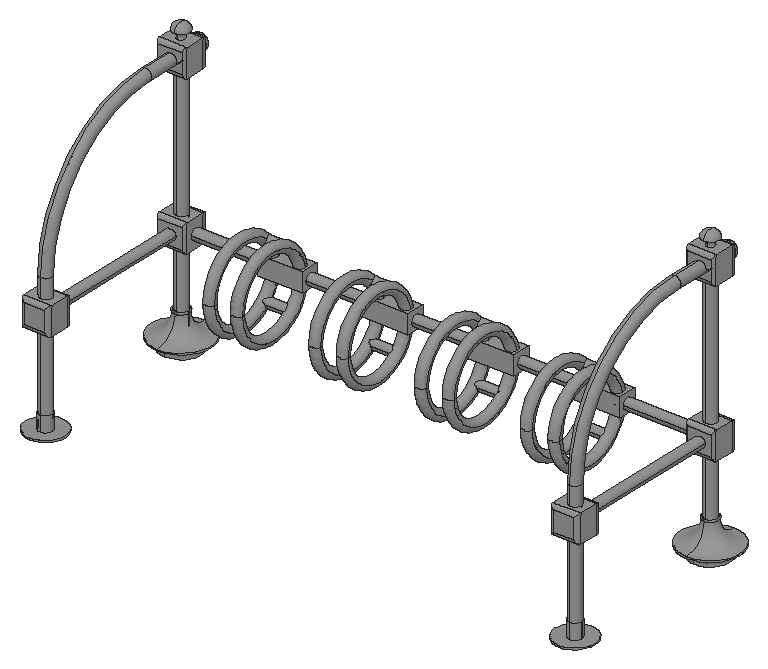
Revit family "12317 Велопарковка чугунная Хоббика", category Антураж, Revit 2018
Family settings
  На основе рабочей плоскости = Нет
  Всегда вертикально = Да
  При загрузке вырезать с полостями = Нет
  Источник визуального образа = Геометрия семейства
  Общий = Нет
  Точка расчета площади = Нет
Parameters (values of type "4 места")
  Ширина = 640 mm  # constant formula
  Цвет каркаса = Чугун
  Описание = if([3 места], "Велопарковка чугунная. Версия на 3 места", "Велопарковка чугунная. Версия на 4 места")  # "Велопарковка чугунная. Версия на 4 места"
  Материал изделия = "Чугун"  # constant formula
  Изображение типоразмера = Велопарковка чугунная Арт 12317 на 4 места.jpg
  Изготовитель = "ООО «Хоббика»"  # constant formula
  Длина = if([3 места], 1525 mm, 2000 mm)  # 2000 mm
  Группа модели = "Велопарковки"  # constant formula
  Высота = 1100 mm  # constant formula
  Артикул товара = "Арт. 12317"  # constant formula
  URL = "https://hobbyka.ru/product/veloparkovka_chugunnaya_na_4_mesta/"
  4 места = not([3 места])  # yes
  3 места = no
Types (3, lengths in mm): name | Описание | Изображение типоразмера | Длина | 4 места | 3 места
  (no name) | "Велопарковка чугунная. Версия на 4 места" | Велопарковка чугунная Арт 12317 на 4 места.jpg | 2000 | yes | no
  3 места | "Велопарковка чугунная. Версия на 3 места" | Велопарковка чугунная Арт 12317 на 3 места.jpg | 1525 | no | yes
  4 места | "Велопарковка чугунная. Версия на 4 места" | Велопарковка чугунная Арт 12317 на 4 места.jpg | 2000 | yes | no
Reference planes
  plane 1 "По центру (Вперед/Назад)": y = 0
  plane 2: z = 0
  plane 3 "По центру (Влево/Вправо)": x = 0
  plane 4: x = 2000
  plane 5: y = 640
  plane 6: x = 52.5
  plane 7: x = 1947.5
  plane 8: z = 1100
Forms (mm)
  Extrusion 1, solid, material "Чугун" <- "Цвет каркаса"
    sketch origin (0, 0, 0) x (0, 1, 0) y (0, 0, 1)
      loop
        circle (640, 402.5) r 20
    from 52.5 to 1947.5
Dimensions and locks
  "Ширина": plane 5 to plane 1 "По центру (Вперед/Назад)"
  "Длина": plane 3 "По центру (Влево/Вправо)" to plane 4
  locked: plane 3 "По центру (Влево/Вправо)" to plane 6 at 52.5
  locked: plane 7 to plane 4 at 52.5
  equal spacing: plane 3 "По центру (Влево/Вправо)", nested 3, nested 4, nested 5, plane 4
  equal spacing: plane 3 "По центру (Влево/Вправо)", nested 9, nested 6, nested 7, nested 8, plane 4
  "Высота": plane 8 to plane 2
  aligned and locked: level to plane 2
  aligned and locked: plane 4 to nested 2
  aligned and locked: plane 6 to Extrusion 1
  aligned and locked: Extrusion 1 to plane 7
  aligned and locked: plane 1 "По центру (Вперед/Назад)" to nested 3
Automatic sketch dimensions
  Extrusion 1 sketch curve to plane 5 = 0 mm
  level to Extrusion 1 sketch curve = 402.5 mm
  radius of Extrusion 1 sketch curve = 20 mm
Nested families
  nested 1: "Велопарковка чугунная Арт 12317 опора" at (0, 0, 0), type "Велопарковка чугунная Арт 12317 опора"
  nested 2: "Велопарковка чугунная Арт 12317 опора" at (2000, 0, 0), type "Велопарковка чугунная Арт 12317 опора"
  nested 3: "Велопарковка чугунная Арт 12317 опора средняя" at (500, 0, 0), visible <- "3 места", type "Велопарковка чугунная Арт 12317 опора средняя"
  nested 4: "Велопарковка чугунная Арт 12317 опора средняя" at (1000, 0, 0), visible <- "3 места", type "Велопарковка чугунная Арт 12317 опора средняя"
  nested 5: "Велопарковка чугунная Арт 12317 опора средняя" at (1500, 0, 0), visible <- "3 места", type "Велопарковка чугунная Арт 12317 опора средняя"
  nested 6: "Велопарковка чугунная Арт 12317 опора средняя" at (800, 0, 0), visible <- "4 места", type "Велопарковка чугунная Арт 12317 опора средняя"
  nested 7: "Велопарковка чугунная Арт 12317 опора средняя" at (1200, 0, 0), visible <- "4 места", type "Велопарковка чугунная Арт 12317 опора средняя"
  nested 8: "Велопарковка чугунная Арт 12317 опора средняя" at (1600, 0, 0), visible <- "4 места", type "Велопарковка чугунная Арт 12317 опора средняя"
  nested 9: "Велопарковка чугунная Арт 12317 опора средняя" at (400, 0, 0), visible <- "4 места", type "Велопарковка чугунная Арт 12317 опора средняя"
Definition of nested family "Велопарковка чугунная Арт 12317 опора"
  Parameters (values of type "Велопарковка чугунная Арт 12317 опора")
    Цвет каркаса = none
    Height = 0 mm
  Reference planes
    plane 1 "По центру (Вперед/Назад)": y = 0
    plane 2: z = 0
    plane 3 "По центру (Влево/Вправо)": x = 0
    plane 4: z = 1100
    plane 5: y = 640
  Forms (mm)
    Sweep 1, solid, material <- "Цвет каркаса"
      path origin (-22.5, -165, 0) x (0, 1, 0) y (0, 0, 1)
        loop
          line (805, 0) -> (805, 995.44) -> (635, 995.44)
          arc (635, 995.44) -> (302.66, 857.78) -> (165, 525.44) r 470
          line (165, 525.44) -> (165, 0)
      profile origin (-22.5, 640, 497.72) x (0, -1, 0) y (1, 0, 0)
        loop
          circle (0, 22.5) r 22.5
    Extrusion 2, solid, material <- "Цвет каркаса"
      sketch origin (-22.5, -165, 285) x (0, 1, 0) y (0, 0, 1)
        loop
          line (843.741, 762.94) -> (768.741, 762.94)
          arc (768.741, 762.94) -> (758.135, 758.547) -> (753.741, 747.94) r 15
          line (753.741, 747.94) -> (753.741, 672.94)
          arc (753.741, 672.94) -> (758.135, 662.334) -> (768.741, 657.94) r 15
          line (768.741, 657.94) -> (843.741, 657.94)
          arc (843.741, 657.94) -> (854.348, 662.334) -> (858.741, 672.94) r 15
          line (858.741, 672.94) -> (858.741, 747.94)
          arc (858.741, 747.94) -> (854.348, 758.547) -> (843.741, 762.94) r 15
      from -30 to 75
    Extrusion 3, void
      sketch origin (-22.5, -165, 0) x (1, 0, 0) y (0, 1, 0)
        loop
          line (75, 858.741) -> (60, 858.741)
          arc (60, 858.741) -> (70.607, 854.348) -> (75, 843.741) r 15
          line (75, 843.741) -> (75, 858.741)
        loop
          line (-30, 858.741) -> (-30, 843.741)
          arc (-30, 843.741) -> (-25.607, 854.348) -> (-15, 858.741) r 15
          line (-15, 858.741) -> (-30, 858.741)
        loop
          line (75, 751.259) -> (75, 766.259)
          arc (75, 766.259) -> (70.607, 755.652) -> (60, 751.259) r 15
          line (60, 751.259) -> (75, 751.259)
        loop
          line (-30, 751.259) -> (-15, 751.259)
          arc (-15, 751.259) -> (-25.607, 755.652) -> (-30, 766.259) r 15
          line (-30, 766.259) -> (-30, 751.259)
      from 144.619 to 1047.94
    Extrusion 4, solid, material <- "Цвет каркаса"
      sketch origin (-22.5, 0, 0) x (1, 0, 0) y (0, 1, 0)
        loop
          circle (22.5, 0) r 22.5
        loop
          circle (22.5, 0) r 25
      from 5 to 60
    Extrusion 5, solid, material <- "Цвет каркаса"
      sketch origin (-22.5, 0, 0) x (1, 0, 0) y (0, 1, 0)
        loop
          circle (22.5, 0) r 25
        loop
          circle (22.5, 0) r 75
      from 0 to 5
    Revolve 6, solid, material <- "Цвет каркаса"
      sketch origin (0, -165, 0) x (0, 1, 0) y (0, 0, 1)
        loop
          line (782.5, 0) -> (782.5, 130) -> (777.5, 130)
          arc (777.5, 130) -> (775, 127.5) -> (777.5, 125) r 2.5
          arc (777.5, 125) -> (752.784, 65.33) -> (693.114, 40.614) r 84.386
          line (693.114, 40.614) -> (693.114, 35.614)
          arc (693.114, 35.614) -> (718.296, 25.183) -> (728.727, 0) r 35.614
          line (728.727, 0) -> (782.5, 0)
        axis (805, 0) -> (805, 130)
      angle from 0 to 360
    Revolve 7, solid, material <- "Цвет каркаса"
      sketch origin (0, -165, 0) x (0, 1, 0) y (0, 0, 1)
        loop
          arc (805, 1100) -> (783.974, 1094.67) -> (773.055, 1075.927) r 28.017
          arc (773.055, 1075.927) -> (787.624, 1065.574) -> (790.543, 1047.94) r 23.255
          line (790.543, 1047.94) -> (805, 1047.94) -> (805, 1100)
        axis (805, 1100) -> (805, 1047.94)
      angle from 0 to 360
    Revolve 8, solid, material <- "Цвет каркаса"
      sketch origin (0, -70.44, 1800.44) x (0, 0, -1) y (0, 1, 0)
        loop
          arc (805, 815) -> (783.974, 809.67) -> (773.055, 790.927) r 28.017
          arc (773.055, 790.927) -> (787.624, 780.574) -> (790.543, 762.94) r 23.255
          line (790.543, 762.94) -> (805, 762.94) -> (805, 815)
        axis (805, 815) -> (805, 762.94)
      angle from 0 to 360
    Extrusion 9, solid, material <- "Цвет каркаса"
      sketch origin (-22.5, -165, -307.94) x (0, 1, 0) y (0, 0, 1)
        loop
          line (843.741, 762.94) -> (768.741, 762.94)
          arc (768.741, 762.94) -> (758.135, 758.547) -> (753.741, 747.94) r 15
          line (753.741, 747.94) -> (753.741, 672.94)
          arc (753.741, 672.94) -> (758.135, 662.334) -> (768.741, 657.94) r 15
          line (768.741, 657.94) -> (843.741, 657.94)
          arc (843.741, 657.94) -> (854.348, 662.334) -> (858.741, 672.94) r 15
          line (858.741, 672.94) -> (858.741, 747.94)
          arc (858.741, 747.94) -> (854.348, 758.547) -> (843.741, 762.94) r 15
      from -30 to 75
    Extrusion 10, solid, material <- "Цвет каркаса"
      sketch origin (-22.5, -806.241, -457.94) x (0, 1, 0) y (0, 0, 1)
        loop
          line (843.741, 912.94) -> (768.741, 912.94)
          arc (768.741, 912.94) -> (758.135, 908.547) -> (753.741, 897.94) r 15
          line (753.741, 897.94) -> (753.741, 822.94)
          arc (753.741, 822.94) -> (758.135, 812.334) -> (768.741, 807.94) r 15
          line (768.741, 807.94) -> (843.741, 807.94)
          arc (843.741, 807.94) -> (854.348, 812.334) -> (858.741, 822.94) r 15
          line (858.741, 822.94) -> (858.741, 897.94)
          arc (858.741, 897.94) -> (854.348, 908.547) -> (843.741, 912.94) r 15
      from -30 to 75
    Extrusion 11, void
      sketch origin (-22.5, -803.759, 0) x (1, 0, 0) y (0, 1, 0)
        loop
          line (75, 751.259) -> (75, 766.259)
          arc (75, 766.259) -> (70.607, 755.652) -> (60, 751.259) r 15
          line (60, 751.259) -> (75, 751.259)
        loop
          line (-30, 751.259) -> (-15, 751.259)
          arc (-15, 751.259) -> (-25.607, 755.652) -> (-30, 766.259) r 15
          line (-30, 766.259) -> (-30, 751.259)
        loop
          line (75, 856.259) -> (60, 856.259)
          arc (60, 856.259) -> (70.607, 851.865) -> (75, 841.259) r 15
          line (75, 841.259) -> (75, 856.259)
        loop
          line (-30, 856.259) -> (-30, 841.259)
          arc (-30, 841.259) -> (-25.607, 851.865) -> (-15, 856.259) r 15
          line (-15, 856.259) -> (-30, 856.259)
      from 350 to 455
    Extrusion 12, solid, material <- "Цвет каркаса"
      sketch origin (0, 0, 150) x (1, 0, 0) y (0, 0, 1)
        loop
          circle (0, 252.5) r 20
      from -52.5 to -588.741
  Cuts and joins
    Extrusion 3, Extrusion 11 cuts Extrusion 2
    Extrusion 3, Extrusion 11 cuts Extrusion 9
    Extrusion 11 cuts Extrusion 10
  Dimensions and locks
    plane 5 to plane 1 "По центру (Вперед/Назад)" = 640 mm
    plane 4 to level = 1100 mm
    aligned and locked: level to plane 2
Definition of nested family "Велопарковка чугунная Арт 12317 опора средняя"
  Parameters (values of type "Велопарковка чугунная Арт 12317 опора средняя")
    Цвет каркаса = none
    Height = 0 mm
  Reference planes
    plane 1 "По центру (Вперед/Назад)": y = 0
    plane 2: z = 0
    plane 3 "По центру (Влево/Вправо)": x = 0
    plane 4: z = 1100
    plane 5: y = 640
  Forms (mm)
    Extrusion 1, solid, material <- "Цвет каркаса"
      sketch origin (-22.5, -165, -307.94) x (0, 1, 0) y (0, 0, 1)
        loop
          line (841.241, 745.44) -> (771.241, 745.44) -> (771.241, 675.44) -> (841.241, 675.44) -> (841.241, 745.44)
      from -62.5 to 107.5
    Sweep 2, solid, material <- "Цвет каркаса"
      path origin (0, 0, 0) x (0, 1, 0) y (0, 0, 1)
        loop
          circle (490, 402.5) r 150
      profile origin (0, 490, 252.5) x (0, 0, 1) y (1, 0, 0)
        loop
          circle (0, -52.5) r 20
    Sweep 3, solid, material <- "Цвет каркаса"
      path origin (105, 0, 0) x (0, 1, 0) y (0, 0, 1)
        loop
          circle (490, 402.5) r 150
      profile origin (105, 490, 252.5) x (0, 0, 1) y (1, 0, 0)
        loop
          circle (0, -52.5) r 20
    Extrusion 4, solid, material <- "Цвет каркаса"
      sketch origin (0, 0, 0) x (0, 1, 0) y (0, 0, 1)
        loop
          circle (597.329, 507.5) r 17.5
        loop
          circle (595.959, 297.5) r 17.5
      from -52.214 to 52.786
  Cuts and joins
    joined: Extrusion 1, Sweep 2, Sweep 3, Extrusion 4
  Dimensions and locks
    plane 5 to plane 1 "По центру (Вперед/Назад)" = 640 mm
    plane 4 to level = 1100 mm
    aligned and locked: level to plane 2
